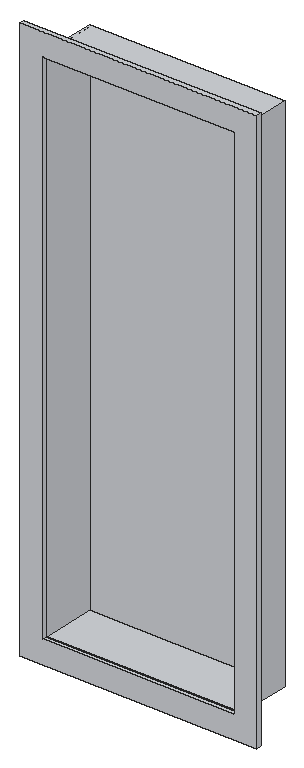
Revit family "Hager-VOLTA-Hollow_wall-Other-Without_Cover-Without_DIN-NoHosted-DE-de", category Electrical Equipment, Revit 2023
Family settings
  Panel Configuration = Two Columns, Circuits Across
  Round Connector Dimension = Use Diameter
  Part Type = Panelboard
  Work Plane-Based = Yes
  Always vertical = Yes
  Cut with Voids When Loaded = No
  Maintain Annotation Orientation = No
  Shared = No
  Room Calculation Point = No
Parameters (values of type "VOLTA-Hollow_wall_W348_H880_D98_12_Modular_Spacing-VH60NK")
  Width Control [instance] = if([HG000006-Flush mounted], if([EF000846 - Einbaubreite] > min_whd, [EF000846 - Einbaubreite], min_whd), if([EF000008 - Breite] > min_whd, ([EF000008 - Breite]), min_whd))  # 314 mm
  Void Depth [instance] = if([EF000218 - Einbautiefe] > 1 mm, [EF000218 - Einbautiefe], 1 mm)  # 90 mm
  Uniformat code = "D501001"
  Uniformat = "Low Tension Service & Dist."
  Référence = ""
  HGEF0002950-Breite in Teilungseinheiten = 12
  HGEF000266-Anzahl der Reihen = 5
  HG000131 - Funktionell label [instance] = ""
  HG000130 - Functional name [instance] = ""
  HG000099-Onfly Template ID-de-DE = "507532"
  HG000059 - Betriebsspannung [instance] = 230 V
  HG000017-Distanz zwischen den Polen = 18 mm
  HG000016-3D-Türsichtbarkeit = yes
  HG000015-Sichtbarkeit der Türöffnung = yes
  HG000014-Tür rechts = yes
  HG000013-Tür links = no
  HG000012-Türschwenkwinkel = 90.00°
  HG000011-Leere Reihen von unten = no
  HG000010-Asymmetrische Türen = no
  HG000009-Doppelflügeligen Tür = no
  HG000008-Anzahl der leeren Reihen = 0
  HG000007-Anzahl der leeren Spalten = 0
  HG000005-Dicke = 2 mm
  HG000004-Herstellerreferenz = "VH60NK"
  HG000003-Bereich = "VOLTA"
  HG000002-Mit tür = no
  HG000001-Anzahl der Spalten = 0
  ETIM class name = "Small distribution board"
  ETIM class code = "EC000214"
  EF015941 - Signaldurchlassende Tür = no
  EF015777 - Neutralleiterklemmenblock = no
  EF015776 - Erdungsklemmenblock = no
  EF009212 - Ausführung Deckel = ""
  EF006306 - Mit Schloss = no
  EF006244 - Transparenter Deckel/Tür = no
  EF005474 - Schutzart (IP) = "sonstige"
  EF004464 - Art der Tür = ""
  EF004462 - Art der Schließung = "sonstige"
  EF002950 - Breite in Teilungseinheiten = 12
  EF001596 - Werkstoff des Gehäuses = ""
  EF001134 - DIN-Schiene = no
  EF001131 - Innentiefe = 0 mm
  EF001088 - Anbaumöglichkeit = yes
  EF001062 - EMV-Ausführung = no
  EF000846 - Einbaubreite = 314 mm
  EF000339 - Art der Abdeckung = ""
  EF000332 - Einbauhöhe = 846 mm
  EF000266 - Anzahl der Reihen = 5
  EF000218 - Einbautiefe = 90 mm
  EF000118 - Mit Montageplatte = no
  EF000116 - RAL-Nummer = 9010
  EF000049 - Tiefe = 98 mm
  EF000040 - Höhe = 880 mm
  EF000024 - UV-beständig = no
  EF000008 - Breite = 348 mm
  EF000007 - Farbe = "weiß"
  EF000003 - Montageart = "Hohlwand"
  Type Comments = ""
  System Height [instance] = Height Control - 2 * [HG000005-Dicke]  # 842 mm
  Reference description = ""
  Reference = "VOLTA-Hollow_wall_W348_H880_D98_12_Modular_Spacing-VH60NK"
  Panel Name [instance] = ""  # (empty or 0)
  Offset [instance] = 0 mm
  Object type = ""
  Name hager = "ADD_Enclosures_EC000214"
  Name BIM&CO = "Electricity"
  Name = "VOLTA-Hollow_wall-Other-Without_Cover-Without_DIN-DE"
  Model = ""
  Level Offset [instance] = [Flush Mounted - Door Frame Width] + Offset  # 34 mm
  HG000060-RAL-number = "9010"
  HG000006-Flush mounted = yes
  GTIN (Global Trade Item Number) = ""
  Description = ""
  Default Elevation = 1200 mm
  Creation Date = "12/15/2025 21:45:03"
  Code hager = "ADD-EC000214_EU"
  Code Uniformat = ""
  BIM&CO code = ""
  BC_VARIANT_ID = "1174288"
  BC_OBJECT_VERSION = "#3"  # constant formula
  BC_OBJECT_ID = "513481"  # constant formula
  BC_MODEL_ID = "1547178"  # constant formula
  BC_METADATA = "{\"ObjectGuid\":\"bc35c96e-cb38-443e-833d-0616858cb9ac\",\"ModelGuid\":\"8af03f69-2293-4735-a617-cc53adf55621\",\"VariantGuid\":\"8b6e323b-1b53-409a-a940-11b5a7fc5337\",\"Revision\":\"#4\",\"VariantName\":\"Template-Enclosure_EU-EC000214\"}"
  Arrow Offset [instance] = Depth Control / 8  # 11.25 mm
  Arrow Height [instance] = Depth Control - Arrow Offset  # 78.75 mm
  Host Offset [instance] = if([HG000006-Flush mounted], 0 mm, [EF000049 - Tiefe])  # 0 mm
  min_whd [instance] = (2 * [HG000005-Dicke]) + 1 mm  # 5 mm
  Manufacturer = "Hager"  # constant formula
  Height Control [instance] = if([HG000006-Flush mounted], if([EF000332 - Einbauhöhe] > min_whd, [EF000332 - Einbauhöhe], min_whd), if([EF000040 - Höhe] > min_whd, ([EF000040 - Höhe]), min_whd))  # 846 mm
  Flush Mounted - Door Frame Width [instance] = if(([EF000040 - Höhe] - [EF000332 - Einbauhöhe]) > 0 mm, if([HG000006-Flush mounted], [EF000040 - Höhe] - [EF000332 - Einbauhöhe], 0 mm), 0 mm)  # 34 mm
  Depth Control [instance] = if([HG000006-Flush mounted], if([EF000218 - Einbautiefe] > 0 mm, [EF000218 - Einbautiefe], 1 mm), if([EF000049 - Tiefe] > 0 mm, ([EF000049 - Tiefe]), 1 mm))  # 90 mm
Types (5, lengths in mm): name | HGEF000266-Anzahl der Reihen | HG000004-Herstellerreferenz | EF009212 - Ausführung Deckel | EF004462 - Art der Schließung | EF001062 - EMV-Ausführung | EF000332 - Einbauhöhe | EF000266 - Anzahl der Reihen | EF000049 - Tiefe | EF000040 - Höhe | EF000008 - Breite | System Height | Reference | Level Offset | BC_VARIANT_ID | Height Control | Flush Mounted - Door Frame Width
  VOLTA-Hollow_wall_W330_H355_D94_12_Modular_Spacing-VH12NK | 1 | "VH12NK" | "geschlossen" | "" | yes | 346 | 1 | 94 | 355 | 330 | 342 | "VOLTA-Hollow_wall_W330_H355_D94_12_Modular_Spacing-VH12NK" | 9 | "1174284" | 346 | 9
  VOLTA-Hollow_wall_W348_H505_D98_12_Modular_Spacing-VH24NK | 2 | "VH24NK" | "" | "sonstige" | no | 471 | 2 | 98 | 505 | 348 | 467 | "VOLTA-Hollow_wall_W348_H505_D98_12_Modular_Spacing-VH24NK" | 34 | "1174285" | 471 | 34
  VOLTA-Hollow_wall_W348_H630_D98_12_Modular_Spacing-VH36NK | 3 | "VH36NK" | "" | "sonstige" | no | 596 | 3 | 98 | 630 | 348 | 592 | "VOLTA-Hollow_wall_W348_H630_D98_12_Modular_Spacing-VH36NK" | 34 | "1174286" | 596 | 34
  VOLTA-Hollow_wall_W348_H755_D98_12_Modular_Spacing-VH48NK | 4 | "VH48NK" | "" | "sonstige" | no | 721 | 4 | 98 | 755 | 348 | 717 | "VOLTA-Hollow_wall_W348_H755_D98_12_Modular_Spacing-VH48NK" | 34 | "1174287" | 721 | 34
  VOLTA-Hollow_wall_W348_H880_D98_12_Modular_Spacing-VH60NK | 5 | "VH60NK" | "" | "sonstige" | no | 846 | 5 | 98 | 880 | 348 | 842 | "VOLTA-Hollow_wall_W348_H880_D98_12_Modular_Spacing-VH60NK" | 34 | "1174288" | 846 | 34
Reference planes
  plane 1 "Center (Front/Back)": y = 0
  plane 2: z = 0
  plane 3 "Center (Left/Right)": x = 0
  plane 4: y = 36
  plane 5: y = 90
  plane 6: y = 34
  plane 7: z = 0
  plane 8: x = -157
  plane 9: x = 157
  plane 10: x = 155
  plane 11: x = -155
  plane 12: z = 34
  plane 13: z = 36
  plane 14: y = 5
  plane 15: y = 0
  plane 16: y = 88
  plane 17: z = 878
  plane 18: z = 880
  plane 19: z = 457
  plane 20: x = 0
  plane 21: y = -100
  plane 22 "Annotation H": y = -300
  plane 23 "Annotation V": x = 357
Forms (mm)
  Extrusion 1, solid
    sketch origin (-208.679, -4572, 34) x (-1, 0, 0) y (0, -1, 0)
      loop
        line (-51.679, -4572) -> (-365.679, -4572) -> (-365.679, -4662) -> (-51.679, -4662) -> (-51.679, -4572)
    from 0 to 846 <- "Height Control"
  Extrusion 2, void
    sketch origin (-350.771, 0, 1219.2) x (1, 0, 0) y (0, 0, 1)
      loop
        line (195.771, -341.2) -> (195.771, -1183.2) -> (505.771, -1183.2) -> (505.771, -341.2) -> (195.771, -341.2)
    from 0 to -88
  Extrusion 3, solid, detail levels coarse+medium
    sketch origin (-350.771, 0, 1219.2) x (-1, 0, 0) y (0, 0, 1)
      loop
        line (-195.771, -341.2) -> (-505.771, -341.2) -> (-505.771, -1183.2) -> (-195.771, -1183.2) -> (-195.771, -341.2)
    from 0 to 2 <- "HG000005-Dicke"
Cuts and joins
  Extrusion 2 cuts Extrusion 1
Dimensions and locks
  "Flush Mounted - Door Frame Width": plane 1 "Center (Front/Back)" to plane 6
  "HG000005-Dicke": plane 4 to plane 6
  "HG000005-Dicke": plane 8 to plane 11
  "HG000005-Dicke": plane 9 to plane 10
  equal spacing: plane 8, plane 3 "Center (Left/Right)", plane 9
  "Width Control": plane 8 to plane 9
  locked: plane 14 to plane 15 at 5
  "Host Offset": plane 1 "Center (Front/Back)" to plane 15
  "Depth Control": plane 5 to plane 15
  "HG000005-Dicke": plane 5 to plane 16
  "HG000005-Dicke": plane 13 to plane 12
  "Level Offset": plane 12 to level
  "HG000005-Dicke": plane 18 to plane 17
  "Height Control": plane 18 to plane 12
  "Arrow Offset": plane 5 to nested 4
  equal spacing: plane 18, plane 19, plane 12
  locked: connector elem to plane 19
  locked: connector elem to plane 3 "Center (Left/Right)"
  Extrusion 2 sketch curve to Extrusion 2 sketch curve to plane 9 = 310 mm, 2 mm
  locked: plane 9 to plane 23 "Annotation V" at 200
  locked: plane 22 "Annotation H" to plane 1 "Center (Front/Back)" at 300
  aligned and locked: nested 1 to plane 14
  aligned and locked: plane 3 "Center (Left/Right)" to nested 1
  aligned and locked: plane 3 "Center (Left/Right)" to nested 2
  aligned and locked: nested 2 to plane 15
  aligned and locked: plane 5 to Extrusion 1
  aligned and locked: Extrusion 3 sketch curve to plane 17
  aligned and locked: Extrusion 3 sketch curve to plane 11
  aligned and locked: plane 13 to Extrusion 3 sketch curve
  aligned and locked: Extrusion 3 sketch curve to plane 10
  aligned and locked: plane 13 to Extrusion 2 sketch curve
  aligned and locked: Extrusion 2 sketch curve to plane 17
  aligned and locked: plane 16 to Extrusion 2
  aligned and locked: plane 5 to Extrusion 1 sketch curve
  aligned and locked: plane 9 to Extrusion 1 sketch curve
  aligned and locked: plane 8 to Extrusion 1 sketch curve
  aligned and locked: plane 8 to nested 4
  aligned and locked: plane 8 to nested 3
  aligned and locked: nested 3 to plane 5
  aligned and locked: Extrusion 1 sketch curve to plane 15
  aligned and locked: Extrusion 2 to plane 15
  aligned and locked: nested 5 to plane 22 "Annotation H"
  aligned and locked: plane 23 "Annotation V" to nested 5
  aligned and locked: plane 11 to Extrusion 2
  aligned and locked: plane 10 to Extrusion 2
Nested families
  nested 1: "Hager_Enclosure_System" at (0, 5, 36), Flush_Mounted <- "HG000006-Flush mounted", Height <- "System Height", Width_Control <- "Width Control", Built-in_Width <- "EF000846 - Einbaubreite", Width <- "EF000008 - Breite", Depth <- "HG000005-Dicke", Border <- "HG000005-Dicke", Distance_Between_Poles <- "HG000017-Distanz zwischen den Polen", Empty_Columns <- "HG000007-Anzahl der leeren Spalten", Total_No_Empty_Rows <- "HG000008-Anzahl der leeren Reihen", Empty_Rows_From_Bottom <- "HG000011-Leere Reihen von unten", Columns_Count <- "HG000001-Anzahl der Spalten", Rows_Count <- "HGEF000266-Anzahl der Reihen", Row_Module_Multiplicator <- "HGEF0002950-Breite in Teilungseinheiten", type "Hager_Enclosure_System", detail levels medium+fine
    with Width_Control 314 mm, Width 348 mm, Total_No_Rows 5, Total_No_Empty_Rows 0, Total_No_Columns 1, System_Width 310 mm, Rows_Count 5, Rows_Column 5, Row_Module_Multiplicator 12, Panel_4 no, Panel_3 no, Panel_2 no, Panel_1 no, No_Panels_Ctrl 1, Hide_Columns yes, Height 842 mm, Flush_Mounted yes, Empty_Rows_From_Bottom no, Empty_Rows_Column 0, Empty_Columns 0, Empty column 4 0, Empty column 3 0, Empty column 2 0, Empty column 1 0, Distance_Between_Poles 18 mm, Depth 2 mm, Columns_Count 0, Column_Width 310 mm, Built-in_Width 314 mm, Border 2 mm
  nested 2: "Hager_Enclosure_Door" at (0, 0, 34), Height_Ctrl <- "Height Control", Flush_Mounted <- "HG000006-Flush mounted", Width_Ctrl <- "Width Control", BuiltIn_Depth <- "EF000218 - Einbautiefe", Depth <- "EF000049 - Tiefe", BuiltIn_Width <- "EF000846 - Einbaubreite", Height <- "EF000040 - Höhe", BuiltIn_Height <- "EF000332 - Einbauhöhe", Width <- "EF000008 - Breite", Transparent <- "EF006244 - Transparenter Deckel/Tür", Border <- "HG000005-Dicke", Door <- "HG000002-Mit tür", Double <- "HG000009-Doppelflügeligen Tür", Assymetrical <- "HG000010-Asymmetrische Türen", Angle <- "HG000012-Türschwenkwinkel", Door_Left <- "HG000013-Tür links", Door_Right <- "HG000014-Tür rechts", Clearance <- "HG000015-Sichtbarkeit der Türöffnung", 3d_Door <- "HG000016-3D-Türsichtbarkeit", type "Hager_Enclosure_Door", detail levels medium+fine
    with min_wh 5 mm, Width_Ctrl 314 mm, Width 348 mm, Transparent_Door_No_Bottom_Border no, Transparent no, Leaf_Width 307 mm, Leaf_Tolerance 1.5 mm, Leaf_Height 839 mm, Leaf_2_Width 307 mm, Leaf_2_Offset 153.5 mm, Leaf_1_Width 307 mm, Leaf_1_Offset 153.5 mm, Height_Ctrl 846 mm, Height 880 mm, Frame_Width_Ctrl 34 mm, Frame_Width 34 mm, Frame_Internal_Offset 2 mm, Frame_Height_Ctrl 34 mm, Frame_Height 34 mm, Frame_Depth_Ctrl 8 mm, Frame_Depth 8 mm, Flush_Mounted yes, Double_Clearance_Ctrl no, Double no, Door_Right_Ctrl no, Door_Right yes, Door_Left_Ctrl no, Door_Left no, Door no, Depth 98 mm, Clearance_Depth 307 mm, Clearance_Ctrl yes, Clearance yes, BuiltIn_Width 314 mm, BuiltIn_Height 846 mm, BuiltIn_Depth 90 mm, Border 2 mm, Assymetrical no, Angle 90.00°, 3d_Door yes
  nested 3: "Hager_Enclosure_Symbol_Triangle" at (-157, 90, 0), Depth <- "Depth Control", Width <- "Width Control", type "Hager_Enclosure_Symbol_Triangle"
    with Width_Ctrl 314 mm, Width 314 mm, Depth_Ctrl 90 mm, Depth 90 mm
  nested 4: "Hager_Enclosure_Symbol_Arrow" at (-157, 78.75, 0), Height <- "Arrow Height", type "Hager_Enclosure_Symbol_Arrow"
    with Width_Inside 5.906 mm, Width 70.875 mm, Height_Ctrl 78.75 mm, Height 78.75 mm
  nested 5: "Hager_Annotation-HG000130" at (357, -300, 0), HG000130 - Functional name <- "HG000130 - Functional name", type "Hager_Annotation-HG000130"
    with HG000130 - Functional name ""
Connectors
  electrical at (0, 90, 457), driven by "HG000059 - Betriebsspannung"
    settings: on plane 5, index 1, voltage 230 V, apparent load 0 VA, apparent load phase1 0 VA, apparent load phase2 0 VA, apparent load phase3 0 VA, power factor 1, load classification "Other", number of poles 1, system type 30, power factor state 1, is connector primary yes, connector utility no, sub classification motor no, connector description ""
Definition of nested family "Hager_Enclosure_Door"
  Parameters (values of type "Hager_Enclosure_Door")
    min_wh [instance] = (2 * Border) + 1 mm  # 11 mm
    Width_Ctrl [instance] = 400 mm
    Width [instance] = 500 mm
    Transparent_Door_No_Bottom_Border [instance] = no
    Transparent [instance] = yes
    Leaf_Width [instance] = if((Width_Ctrl - 2 * Border - 2 * Leaf_Tolerance) > 0 mm, (Width_Ctrl - 2 * Border - 2 * Leaf_Tolerance), min_wh)  # 387 mm
    Leaf_Tolerance [instance] = 1.5 mm  # constant formula
    Leaf_Height [instance] = if((Height_Ctrl - 2 * Border - 2 * Leaf_Tolerance) > 0 mm, (Height_Ctrl - 2 * Border - 2 * Leaf_Tolerance), min_wh)  # 387 mm
    Leaf_2_Width [instance] = if(and(and(Double, Assymetrical), Door_Left), (Leaf_Width / 3) - (Leaf_Tolerance / 2), if(and(and(Double, Assymetrical), Door_Right), (Leaf_Width / 3) * 2 - (Leaf_Tolerance / 2), if(and(Double, not(Assymetrical)), (Leaf_Width / 2) - Leaf_Tolerance, Leaf_Width)))  # 387 mm
    Leaf_2_Offset [instance] = if(and(Double, Assymetrical), Leaf_2_Width / 2, if(and(Double, not(Assymetrical)), Leaf_Width / 4, Leaf_Width / 2))  # 193.5 mm
    Leaf_1_Width [instance] = if(and(and(Double, Assymetrical), Door_Right), (Leaf_Width / 3) - (Leaf_Tolerance / 2), if(and(and(Double, Assymetrical), Door_Left), (Width / 3) * 2 - (Leaf_Tolerance / 2), if(and(Double, not(Assymetrical)), (Leaf_Width / 2) - Leaf_Tolerance, Leaf_Width)))  # 387 mm
    Leaf_1_Offset [instance] = if(and(Double, Assymetrical), Leaf_1_Width / 2, if(and(Double, not(Assymetrical)), Leaf_Width / 4, Leaf_Width / 2))  # 193.5 mm
    Height_Ctrl [instance] = 400 mm
    Height [instance] = 500 mm
    Frame_Width_Ctrl [instance] = if(Frame_Width > 0 mm, Frame_Width, 1 mm)  # 1 mm
    Frame_Width [instance] = Width - BuiltIn_Width  # 0 mm
    Frame_Internal_Offset [instance] = if(Flush_Mounted, Border, 0 mm)  # 5 mm
    Frame_Height_Ctrl [instance] = if(Frame_Height > 0 mm, Frame_Height, 1 mm)  # 1 mm
    Frame_Height [instance] = Height - BuiltIn_Height  # 0 mm
    Frame_Depth_Ctrl [instance] = if(Frame_Depth > 0 mm, Frame_Depth, 1 mm)  # 1 mm
    Frame_Depth [instance] = if(Depth - BuiltIn_Depth > 0 mm, if(Flush_Mounted, Depth - BuiltIn_Depth, 0 mm), 0 mm)  # 0 mm
    Flush_Mounted [instance] = yes
    Double_Clearance_Ctrl [instance] = and(Double, Clearance)  # no
    Double [instance] = no
    Door_Right_Ctrl [instance] = and(or(Door_Right, Double), Door)  # yes
    Door_Right [instance] = yes
    Door_Left_Ctrl [instance] = and(or(Door_Left, Double), Door)  # no
    Door_Left [instance] = no
    Door [instance] = yes
    Depth [instance] = 500 mm
    Default Elevation = 1219.2 mm
    Clearance_Material = none
    Clearance_Depth [instance] = if(Leaf_1_Width > Leaf_2_Width, Leaf_1_Width, Leaf_2_Width)  # 387 mm
    Clearance_Ctrl [instance] = and(not(Double), Clearance)  # yes
    Clearance [instance] = yes
    BuiltIn_Width [instance] = 500 mm
    BuiltIn_Height [instance] = 500 mm
    BuiltIn_Depth [instance] = 500 mm
    Border [instance] = 5 mm
    Assymetrical [instance] = yes
    Angle [instance] = 30.00°
    3d_Door [instance] = yes
  Reference planes
    plane 1 "Center (Front/Back)": y = 0
    plane 2 "Bottom": z = 0
    plane 3 "Center (Left/Right)": x = 0
    plane 4: z = 400
    plane 5: x = -200
    plane 6: x = 200
    plane 7: z = 395
    plane 8: x = -195
    plane 9: z = 5
    plane 10: x = 195
    plane 11: y = 0
    plane 12: z = 6.5
    plane 13: x = -582
    plane 14: y = -387
    plane 15: x = 582
    plane 16: x = 0
    plane 17: x = 0
    plane 18: x = -193.5
    plane 19: x = 193.5
    plane 20: z = 393.5
  Forms (mm)
    Extrusion 1, solid, visible <- "Flush_Mounted"
      sketch origin (0, 0, 0) x (1, 0, 0) y (0, 0, 1)
        loop
          line (195, 5) -> (195, 395) -> (-195, 395) -> (-195, 5) -> (195, 5)
        loop
          line (-201, 401) -> (-201, -1) -> (201, -1) -> (201, 401) -> (-201, 401)
      from 0 to 1 <- "Frame_Depth_Ctrl"
    Extrusion 2, solid, material <- "Clearance_Material", visible <- "Double_Clearance_Ctrl"
      sketch origin (1200, 0, 0) x (1, 0, 0) y (0, 0, -1)
        loop
          line (-1782, -393.5) -> (-618, -393.5) -> (-618, 0) -> (-1782, 0) -> (-1782, -393.5)
      from 0 to -387
  Dimensions and locks
    equal spacing: plane 5, plane 3 "Center (Left/Right)", plane 6
    "Width_Ctrl": plane 5 to plane 6
    "Border": plane 5 to plane 8
    "Border": plane 6 to plane 10
    "Border": plane 9 to level
    "Border": plane 4 to plane 7
    "Height_Ctrl": plane 4 to level
    "Leaf_Tolerance": plane 12 to plane 9
    "Frame_Depth": plane 11 to plane 1 "Center (Front/Back)"
    "Frame_Width_Ctrl": plane 5 to Extrusion 1 sketch curve
    "Frame_Width_Ctrl": plane 6 to Extrusion 1 sketch curve
    "Frame_Width_Ctrl": Extrusion 1 sketch curve to plane 4
    "Frame_Width_Ctrl": plane 2 "Bottom" to Extrusion 1 sketch curve
    "Leaf_1_Offset": plane 18 to plane 16
    "Leaf_2_Offset": plane 17 to plane 19
    "Leaf_1_Width": plane 13 to plane 8
    "Leaf_2_Width": plane 10 to plane 15
    "Clearance_Depth": plane 14 to plane 1 "Center (Front/Back)"
    "Leaf_Tolerance": plane 8 to plane 18
    "Leaf_Tolerance": plane 19 to plane 10
    "Leaf_Tolerance": plane 7 to plane 20
    "Frame_Internal_Offset": plane 5 to Extrusion 1 sketch curve
    "Frame_Internal_Offset": Extrusion 1 sketch curve to plane 2 "Bottom"
    "Frame_Internal_Offset": plane 6 to Extrusion 1 sketch curve
    "Frame_Internal_Offset": plane 4 to Extrusion 1 sketch curve
    aligned and locked: level to plane 2 "Bottom"
    aligned and locked: nested 1 to plane 16
    aligned and locked: nested 2 to plane 17
    aligned and locked: Extrusion 2 to plane 13
    aligned and locked: plane 15 to Extrusion 2
    aligned and locked: Extrusion 2 to plane 14
    aligned and locked: plane 12 to nested 1
    aligned and locked: nested 2 to plane 12
    aligned and locked: Extrusion 2 to plane 11
    aligned and locked: plane 20 to Extrusion 2
    aligned and locked: nested 2 to plane 11
    aligned and locked: nested 1 to plane 11
  Automatic sketch dimensions
    Extrusion 2 sketch curve to level = 0 mm
    plane 5 to Extrusion 2 sketch curve = 382 mm
    plane 6 to Extrusion 2 sketch curve = 382 mm
    Extrusion 2 sketch curve to plane 4 = 6.5 mm
  Nested families
    nested 1: "Hager_Enclosure_Door_Leaf" at (0, 0, 6.5), Width <- "Leaf_1_Width", visible <- "Door_Left_Ctrl", Leaf_Height <- "Leaf_Height", Angle <- "Angle", Depth <- "Border", 3d_Door <- "3d_Door", Transparent <- "Transparent", Clearance Material <- "Clearance_Material", Clearance <- "Clearance_Ctrl", Transparent_Door_No_Bottom_Border <- "Transparent_Door_No_Bottom_Border", type "Hager_Enclosure_Door_Leaf"
      with Width 387 mm, Transparent_Door_No_Bottom_Border no, Transparent_Door_Border_Bottom_Top 25 mm, Transparent_Door_Border 25 mm, Transparent_Ctrl yes, Transparent yes, Standard no, Leaf_Height 387 mm, Glass_Offset 1 mm, Depth 5 mm, Clearance Material none, Clearance yes, Angle_Ctrl 30.00°, Angle 30.00°, 3d_Door yes
    nested 2: "Hager_Enclosure_Door_Leaf" at (0, 0, 6.5) x (-1, 0, 0) z (0, 0, 1), Width <- "Leaf_2_Width", visible <- "Door_Right_Ctrl", Leaf_Height <- "Leaf_Height", Angle <- "Angle", Depth <- "Border", 3d_Door <- "3d_Door", Transparent <- "Transparent", Clearance Material <- "Clearance_Material", Clearance <- "Clearance_Ctrl", Transparent_Door_No_Bottom_Border <- "Transparent_Door_No_Bottom_Border", type "Hager_Enclosure_Door_Leaf"
      with Width 387 mm, Transparent_Door_No_Bottom_Border no, Transparent_Door_Border_Bottom_Top 25 mm, Transparent_Door_Border 25 mm, Transparent_Ctrl yes, Transparent yes, Standard no, Leaf_Height 387 mm, Glass_Offset 1 mm, Depth 5 mm, Clearance Material none, Clearance yes, Angle_Ctrl 30.00°, Angle 30.00°, 3d_Door yes
  Definition of nested family "Hager_Enclosure_Door_Leaf"
    Parameters (values of type "Hager_Enclosure_Door_Leaf")
      Width [instance] = 2000 mm
      Transparent_Door_No_Bottom_Border [instance] = yes
      Transparent_Door_Border_Bottom_Top [instance] = if(Transparent_Door_No_Bottom_Border, 0.1 mm, Transparent_Door_Border)  # 0.1 mm
      Transparent_Door_Border [instance] = if(Transparent_Door_No_Bottom_Border, (Width * 0.12), 25 mm)  # 240 mm
      Transparent_Ctrl [instance] = and(Transparent, [3d_Door])  # yes
      Transparent [instance] = yes
      Standard [instance] = and(not(Transparent), [3d_Door])  # no
      Leaf_Height [instance] = 2720.336 mm
      Glass_Offset [instance] = if((Depth - 10 mm) / 2 > 0 mm, (Depth - 10 mm) / 2, 1 mm)  # 15 mm
      Glass_Material = none
      Depth [instance] = 40 mm
      Default Elevation = 0 mm
      Clearance Material [instance] = none
      Clearance [instance] = yes
      Angle_Ctrl [instance] = if(Angle > 170.00°, 170.00°, Angle)  # 45.00°
      Angle [instance] = 45.00°
      3d_Door [instance] = yes
    Reference planes
      plane 1 "Center (Front/Back)": y = 0
      plane 2: z = 0
      plane 3 "Center (Left/Right)": x = 0
      plane 4: y = 2000
      plane 5: x = -1000
      plane 6: x = 1000
      plane 7: x = -3000
      plane 8: z = 2720.336
      plane 9: z = 0.1
      plane 10: z = 2720.236
      plane 11: x = 760
      plane 12: x = -760
    Forms (mm)
      Extrusion 1, solid, material <- "Clearance Material", visible <- "Clearance"
        sketch origin (0, 0, 0) x (1, 0, 0) y (0, 0, 1)
          loop
            line (-3000, 2720.336) -> (-3000, 0) -> (1000, 0) -> (1000, 2720.336) -> (-3000, 2720.336)
        from 0 to -2000
      Extrusion 2, solid, visible <- "Standard", detail levels medium+fine
        sketch origin (-1000, 0, 0) x (0.707107, 0.707107, 0) y (-0.707107, 0.707107, 0)
          loop
            line (0, -40) -> (2000, -40) -> (2000, 0) -> (0, 0) -> (0, -40)
        from 0 to 2720.336 <- "Leaf_Height"
      Extrusion 3, solid, visible <- "Transparent_Ctrl", detail levels medium+fine
        sketch origin (-1000, 0, 0) x (0.707107, 0.707107, 0) y (-0.707107, 0.707107, 0)
          loop
            line (0, -40) -> (2000, -40) -> (2000, 0) -> (0, 0) -> (0, -40)
        from 0 to 2720.336 <- "Leaf_Height"
      Extrusion 4, void, detail levels medium+fine
        sketch origin (-1000, 0, 0) x (-0.707107, 0.707107, 0) y (0.707107, 0.707107, 0)
          loop
            line (0, 240) -> (0, 1760) -> (-40, 1760) -> (-40, 240) -> (0, 240)
        from -2720.236 to -0.1
      Extrusion 5, solid, material <- "Glass_Material", visible <- "Transparent_Ctrl", detail levels medium+fine
        sketch origin (-1000, 0, 0) x (0.707107, 0.707107, 0) y (-0.707107, 0.707107, 0)
          loop
            line (240, -15) -> (240, -25) -> (1760, -25) -> (1760, -15) -> (240, -15)
        from 0.1 to 2720.236
    Cuts and joins
      Extrusion 4 cuts Extrusion 3
    Lines and regions (mm)
      symbolic lines
        curve 1: line (1000, 0, 0) -> (-3000, 0, 0)
        curve 2: arc (1000, 0, 0) -> (-1000, 2000, 0) -> (-3000, 0, 0) r 2000
        curve 4: line (-1000, 0, 0) -> (414.214, 1414.214, 0)
      reference lines
        curve 3: line (-1000, 0, 0) -> (414.214, 1414.214, 0)
      symbolic lines, detail levels medium+fine
        curve 5: line (414.214, 1414.214, 0) -> (442.498, 1385.929, 0)
        curve 6: line (442.498, 1385.929, 0) -> (-971.716, -28.284, 0)
        curve 7: line (-971.716, -28.284, 0) -> (-1000, 0, 0)
        curve 8: line (-1000, 0, 2720.336) -> (1000, 0, 2720.336)
        curve 9: line (-1000, 0, 0) -> (-1000, 0, 2720.336)
        curve 10: line (1000, 0, 0) -> (-1000, 0, 0)
        curve 11: line (1000, 0, 2720.336) -> (1000, 0, 0)
      symbolic lines, visible <- "Transparent_Ctrl", detail levels medium+fine
        curve 12: line (-760, 0, 2720.236) -> (760, 0, 2720.236)
        curve 13: line (-760, 0, 0.1) -> (-760, 0, 2720.236)
        curve 14: line (760, 0, 0.1) -> (-760, 0, 0.1)
        curve 15: line (760, 0, 2720.236) -> (760, 0, 0.1)
    Dimensions and locks
      "Width": plane 1 "Center (Front/Back)" to plane 4
      equal spacing: plane 5, plane 3 "Center (Left/Right)", plane 6
      "Width": plane 5 to plane 6
      "Width": plane 7 to plane 5
      "Leaf_Height": plane 8 to level
      "Depth": curve 6 to curve 3
      "Width": curve 5 to curve 3
      "Width": curve 3 to curve 3
      "Transparent_Door_Border": Extrusion 4 sketch curve to curve 7
      "Transparent_Door_Border": Extrusion 4 sketch curve to curve 5
      "Transparent_Door_Border_Bottom_Top": plane 8 to plane 10
      "Transparent_Door_Border_Bottom_Top": plane 9 to level
      "Glass_Offset": Extrusion 5 sketch curve to curve 4
      "Glass_Offset": Extrusion 5 sketch curve to curve 6
      "Transparent_Door_Border": Extrusion 5 sketch curve to curve 5
      "Transparent_Door_Border": Extrusion 5 sketch curve to curve 7
      "Transparent_Door_Border": plane 12 to plane 5
      "Transparent_Door_Border": plane 6 to plane 11
      "Angle_Ctrl": angle plane 1 "Center (Front/Back)" to curve 3
      aligned and locked: level to plane 2
      aligned and locked: Extrusion 1 to curve 1
      aligned and locked: plane 6 to Extrusion 1
      aligned and locked: Extrusion 1 to plane 1 "Center (Front/Back)"
      aligned and locked: plane 4 to Extrusion 1
      aligned and locked: plane 8 to Extrusion 1
      aligned and locked: curve 4 to curve 3
      aligned and locked: Extrusion 2 sketch curve to curve 7
      aligned and locked: Extrusion 2 sketch curve to curve 6
      aligned and locked: Extrusion 2 sketch curve to curve 5
      aligned and locked: Extrusion 2 sketch curve to curve 3
      aligned and locked: curve 7 to Extrusion 3 sketch curve
      aligned and locked: Extrusion 3 sketch curve to curve 4
      aligned and locked: Extrusion 3 sketch curve to curve 6
      aligned and locked: Extrusion 3 sketch curve to curve 5
      aligned and locked: curve 4 to Extrusion 4 sketch curve
      aligned and locked: curve 6 to Extrusion 4 sketch curve
      aligned and locked: Extrusion 4 to plane 9
      aligned and locked: Extrusion 4 to plane 10
      aligned and locked: Extrusion 5 to plane 9
      aligned and locked: Extrusion 5 to plane 10
      aligned and locked: curve 8 to plane 8
      aligned and locked: plane 5 to curve 9
      aligned and locked: plane 2 to curve 10
      aligned and locked: curve 11 to plane 6
      aligned and locked: plane 10 to curve 12
      aligned and locked: plane 12 to curve 13
      aligned and locked: curve 14 to plane 9
      aligned and locked: plane 11 to curve 15
    Automatic sketch dimensions
      plane 1 "Center (Front/Back)" to curve 2 = 0 mm
      curve 2 to plane 5 = 0 mm
      Extrusion 1 sketch curve to level = 0 mm
      Extrusion 1 sketch curve to plane 7 = 0 mm
      Extrusion 1 sketch curve to plane 6 = 0 mm
      Extrusion 1 sketch curve to plane 8 = 0 mm
      plane 1 "Center (Front/Back)" to curve 3 = 0 mm
      curve 3 to plane 5 = 0 mm
      curve 7 to curve 3 = 0 mm
Definition of nested family "Hager_Enclosure_Symbol_Triangle"
  Parameters (values of type "Hager_Enclosure_Symbol_Triangle")
    Width_Ctrl [instance] = if(Width > 1 mm, Width, 1 mm)  # 498 mm
    Width [instance] = 498 mm
    Depth_Ctrl [instance] = if(Depth > 1 mm, Depth, 1 mm)  # 72 mm
    Depth [instance] = 72 mm
  Reference planes
    plane 1 "Centre (avant/arrière)": y = 0
    plane 2: z = 0
    plane 3 "Centre (gauche/droite)": x = 0
  Lines and regions (mm)
    Filled region 1, type "Solid_Black", in view "Niveau de réf."
      outline origin (0, 0, 0) x (1, 0, 0) y (0, 1, 0)
        loop
          line (0, 0) -> (498, 0) -> (498, 72) -> (0, 0)
    reference lines, in view "Niveau de réf."
      curve 1: line (-206.153, 72, 0) -> (1083.258, 72, 0)
      curve 2: line (498, 405.456, 0) -> (498, -517.619, 0)
  Dimensions and locks
    "Depth_Ctrl": plane 1 "Centre (avant/arrière)" to curve 1
    "Width_Ctrl": plane 3 "Centre (gauche/droite)" to curve 2
    aligned and locked: curve 1 to Filled region 1 sketch curve
    aligned and locked: Filled region 1 sketch curve to plane 1 "Centre (avant/arrière)"
    aligned and locked: curve 2 to Filled region 1 sketch curve
    aligned and locked: plane 3 "Centre (gauche/droite)" to Filled region 1 sketch curve
    aligned and locked: plane 1 "Centre (avant/arrière)" to Filled region 1 sketch curve
  Automatic sketch dimensions
    curve 1 to plane 3 "Centre (gauche/droite)" = 206.153 mm
    curve 2 to curve 1 = 585.258 mm
    plane 1 "Centre (avant/arrière)" to curve 2 = 517.619 mm
    curve 2 to plane 1 "Centre (avant/arrière)" = 405.456 mm
Definition of nested family "Hager_Enclosure_Symbol_Arrow"
  Parameters (values of type "Hager_Enclosure_Symbol_Arrow")
    Width_Inside [instance] = if(Width / 12 > 2 mm, Width / 12, 2 mm)  # 4.987 mm
    Width [instance] = if(Height_Ctrl * 0.9 > 2 mm, Height_Ctrl * 0.9, 2 mm)  # 59.85 mm
    Height_Ctrl [instance] = if(Height > 2 mm, Height, 2 mm)  # 66.5 mm
    Height [instance] = 66.5 mm
  Reference planes
    plane 1 "Centre (avant/arrière)": y = 0
    plane 2: z = 0
    plane 3 "Centre (gauche/droite)": x = 0
    plane 4: x = 59.85
    plane 5: y = 28.263
    plane 6: y = 38.238
    plane 7: y = 66.5
    plane 8: x = 29.925
    plane 9: y = 33.25
  Lines and regions (mm)
    Filled region 1, type "Solid_Black", in view "Niveau de réf."
      outline origin (0, 0, 0) x (1, 0, 0) y (0, 1, 0)
        loop
          line (59.85, 66.5) -> (37.929, 52.827) -> (51.846, 41.935) -> (59.85, 66.5)
    detail lines, in view "Niveau de réf."
      curve 1: line (0, 0, 0) -> (29.925, 38.238, 0)
      curve 2: line (29.925, 38.238, 0) -> (29.925, 28.263, 0)
      curve 3: line (29.925, 28.263, 0) -> (59.85, 66.5, 0)
  Dimensions and locks
    "Width": plane 3 "Centre (gauche/droite)" to plane 4
    "Height_Ctrl": plane 7 to plane 1 "Centre (avant/arrière)"
    equal spacing: plane 3 "Centre (gauche/droite)", plane 8, plane 4
    equal spacing: plane 7, plane 9, plane 1 "Centre (avant/arrière)"
    equal spacing: plane 6, plane 9, plane 5
    "Width_Inside": plane 6 to plane 9
    equal spacing: curve 3, Filled region 1 sketch curve, Filled region 1 sketch curve
    angle Filled region 1 sketch curve to curve 3 = 20.00°
    angle curve 3 to Filled region 1 sketch curve = 20.00°
    locked: curve 3 to Filled region 1 sketch curve (angle 90.00°)
  Automatic sketch dimensions
    plane 1 "Centre (avant/arrière)" to curve 1 = 0 mm
    curve 1 to plane 3 "Centre (gauche/droite)" = 0 mm
    curve 2 to plane 6 = 0 mm
    curve 3 to plane 8 = 0 mm
    curve 3 to plane 4 = 0 mm
    curve 2 to plane 5 = 0 mm
    curve 3 to plane 7 = 0 mm
    Filled region 1 sketch curve to plane 4 = 0 mm
    Filled region 1 sketch curve to plane 7 = 0 mm
Definition of nested family "Hager_Annotation-HG000130"
  Parameters (values of type "Hager_Annotation-HG000130")
    HG000130 - Functional name [instance] = ""
  Reference planes
    plane 1: y = 0
    plane 2: x = 0
  Lines and regions (mm)
    detail lines
      curve 1: line (-27.5, 10, 0) -> (27.5, 10, 0)
      curve 2: line (-27.5, -10, 0) -> (-27.5, 10, 0)
      curve 3: line (27.5, -10, 0) -> (-27.5, -10, 0)
      curve 4: line (27.5, 10, 0) -> (27.5, -10, 0)
  Text (mm)
    label "HG000130 - Functional name" at (0.16, 0.026, 0), shows "HG000130 - Functional name"
